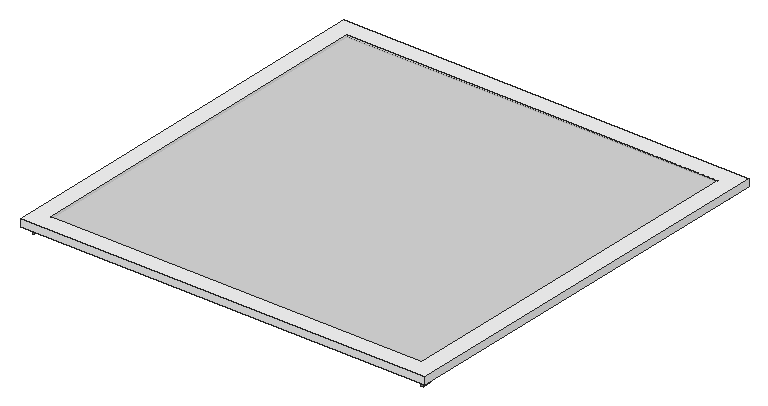
Revit family "0047646 Feilo Sylvania Lighting Fixtures START FLAT HE 600 3000K DALI G2", category Lighting Fixtures, host Face, Revit 2017
Family settings
  Host = Face
  Round Connector Dimension = Use Diameter
  Part Type = Normal
  OmniClass Number = 23.80.70.11.17
  OmniClass Title = Specialized Lighting by Location or Use
  Cut with Voids When Loaded = No
  Light Source = Yes
  Shared = No
  Room Calculation Point = No
Parameters (values of type "0047646 START FLAT HE 600 3000K DALI G2")
  Weight = "12.25 kg"
  Wattage = 36 W
  WarrantyStartDate [instance] = "n/a"
  WarrantyGuarantorParts = "n/a"
  WarrantyDurationUnit = "n/a"
  WarrantyDurationParts = "n/a"
  WarrantyDescription = "n/a"
  built-in parameter 1150110 = 1 (stored number, unit not read)
  Voltage = 230 V
  URL = "http://www.sylvania-lighting.com"
  TypeName = "START FLAT HE 600 3000K DALI G2"
  built-in parameter 1114217 = 1 (stored number, unit not read)
  Tilt Angle = -90.00°
  built-in parameter 1150109 = 1 (stored number, unit not read)
  built-in parameter 1150134 = (empty or 0)
  built-in parameter 1150113 = 1 (stored number, unit not read)
  SerialNumber [instance] = "n/a"
  PowerFactor = 0.98
  PowerConsumption = "36 W"
  Photometric Web File = "0047646.ies"
  NominalWidth = 0.0 mm
  NominalLength = 595.0 mm
  NominalHeight = 10.5 mm
  Name = "START FLAT HE 600 3000K DALI G2"
  ModelReference = "START FLAT HE 600 3000K DALI G2"
  ModelNumber = "0047646"
  Material = "aluminium housing, pmma diffuser"
  ManufacturerName = "Feilo Sylvania"
  LuminousEfficacy = "120 lm/W"
  LuminaireType = ""
  LightOutputRatio = "n/a"
  LampsType = Lamp  # "Integrated LED"
  LampNominalLuminous = "4000 lm"
  LampMacAdamStep = "3"
  LampColourTemperature = "3000 K"
  LampColourRenderingIndex = "80"
  Keynote = "16500"
  InstallationDate [instance] = "n/a"
  InputVoltage = "220-240V~"
  InputNominalFrequency = "50/60 Hz"
  IngressProtection = "IP20"
  ImpactProtectionIndex = "IK03"
  IfcExportType = "IfcLightFixtureType"
  IfcExportAs = "IfcLightFixtureType"
  ExpectedLife = 50000
  ElectricShockClassification = "Class II"
  DurationUnit = "hours"
  DocumentationLiterature = "http://www.sylvania-lighting.com/product/en-int/products/0047646"
  DimmingControlOptions = "Dimmable"
  DiffuserMaterial = Polycarbonate_Sylvania_Startflat Panel LED_Opal
  Cutout Width = 574.0 mm
  Cutout Length = 574.0 mm
  CreatedOn = "11/30/2017"
  CreatedBy = ""
  built-in parameter 1114216 [instance] = 1 (stored number, unit not read)
  Model = "START FLAT HE 600 3000K DALI G2"
  Manufacturer = "Feilo-Sylvania Group"
  built-in parameter 1150105 = 343.77 (stored number, unit not read)
  Lumens = 4320 lm
  built-in parameter 1150115 = 1 (stored number, unit not read)
  built-in parameter 1150137 = (empty or 0)
  built-in parameter 1150139 = (empty or 0)
  built-in parameter 1150112 = 1 (stored number, unit not read)
  built-in parameter 1150114 = 1 (stored number, unit not read)
  Lamp = "Integrated LED"  # constant formula
  built-in parameter 1150132 = 2
  built-in parameter 1150102 = (empty or 0)
  built-in parameter 1150107 = 3000 (stored number, unit not read)
  built-in parameter 1150138 = (empty or 0)
  built-in parameter 1150106 = 3.4377 (stored number, unit not read)
  BodyMaterial = Metal_Sylvania_Startflat Panel LED_White
  Emit from Rectangle Width = 545.0 mm
  Emit from Rectangle Length = 545.0 mm
  Emit Shape Visible in Rendering = no
  built-in parameter 1150104 = 11.148 (stored number, unit not read)
  Dimming Lamp Color Temperature Shift = <None>
  Description = "Ultra thin LED Panel, excellent uniformity of light, perfect for ceilings with low voids, high efficacy.Ulta thin edgelit LED 600x600mm Panel with, excellent uniform light distribution. Acrylic PMMA diffuser optimising light output whilst reducing glare. 4239lm 93lm/W."  # constant formula
  Default Elevation = 0.0 mm
  Color Filter = 16777215
  built-in parameter 1140040 [instance] = 1
  BarCode [instance] = "n/a"
  built-in parameter 1114218 = 1 (stored number, unit not read)
  built-in parameter 1150133 = 10 (stored number, unit not read)
  AssetType = "Fixed"
  AssetIdentifier [instance] = "n/a"
  Assembly Code = "D5020200"
  Apparent Load = 36 VA
  MountingMaterial = Metal_Sylvania_Startflat Panel LED_Silver
Reference planes
  plane 1 "Center (Front/Back)": y = 0
  plane 2 "Fixture Top": z = 0
  plane 3 "Center (Left/Right)": x = 0
  plane 4: x = 295.5
  plane 5: x = -295.5
  plane 6 "Fixture Back": y = 297.5
  plane 7 "Fixture Front": y = -297.5
  plane 8 "Fixture Left": x = -297.5
  plane 9 "Fixture Right": x = 297.5
  plane 10: y = 295.5
  plane 11: y = -295.5
  plane 12: x = 272.5
  plane 13: x = -272.5
  plane 14: y = 272.5
  plane 15: y = -272.5
  plane 16: x = -287
  plane 17: x = 287
  plane 18: y = 287
  plane 19: y = -287
  plane 20 "Fixture Bottom": z = 10.5
  plane 21: z = 8.5
  plane 22: z = 6.5
  plane 23: z = -10
  plane 24: z = 2
Forms (mm)
  Extrusion 1, void
    sketch origin (0, 0, 60) x (-1, 0, 0) y (0, -1, 0)
      loop
        line (287, -287) -> (287, 287) -> (-287, 287) -> (-287, -287) -> (287, -287)
    from -70 to -60
  Extrusion 2, solid, material "Metal_Sylvania_Startflat Panel LED_White" <- "BodyMaterial", detail levels fine
    sketch origin (0, 0, 60) x (-1, 0, 0) y (0, -1, 0)
      loop
        line (297.5, -297.5) -> (297.5, 297.5) -> (-297.5, 297.5) -> (-297.5, -297.5) -> (297.5, -297.5)
      loop
        line (272.5, -272.5) -> (272.5, 272.5) -> (-272.5, 272.5) -> (-272.5, -272.5) -> (272.5, -272.5)
    from -51.5 to -49.5
  Extrusion 3, solid, material "Metal_Sylvania_Startflat Panel LED_White" <- "BodyMaterial", detail levels fine
    sketch origin (0, 0, 60) x (-1, 0, 0) y (0, -1, 0)
      loop
        line (297.5, -297.5) -> (297.5, 297.5) -> (-297.5, 297.5) -> (-297.5, -297.5) -> (297.5, -297.5)
      loop
        line (295.5, -295.5) -> (295.5, 295.5) -> (-295.5, 295.5) -> (-295.5, -295.5) -> (295.5, -295.5)
    from -60 to -51.5
  Extrusion 4, solid, material "Polycarbonate_Sylvania_Startflat Panel LED_Opal" <- "DiffuserMaterial", detail levels fine
    sketch origin (0, 0, 60) x (-1, 0, 0) y (0, -1, 0)
      loop
        line (295.5, -295.5) -> (295.5, 295.5) -> (-295.5, 295.5) -> (-295.5, -295.5) -> (295.5, -295.5)
    from -53.5 to -51.5
  Extrusion 5, solid, material "Metal_Sylvania_Startflat Panel LED_Silver" <- "MountingMaterial", detail levels fine
    sketch origin (0, 0, 60) x (-1, 0, 0) y (0, -1, 0)
      loop
        line (287, -287) -> (287, -272.5) -> (284, -272.5) -> (284, -287) -> (287, -287)
      loop
        line (-284, -287) -> (-284, -272.5) -> (-287, -272.5) -> (-287, -287) -> (-284, -287)
      loop
        line (-284, 272.5) -> (-284, 287) -> (-287, 287) -> (-287, 272.5) -> (-284, 272.5)
      loop
        line (284, 272.5) -> (287, 272.5) -> (287, 287) -> (284, 287) -> (284, 272.5)
    from -70 to -60
  Extrusion 6, solid, material "Metal_Sylvania_Startflat Panel LED_White" <- "BodyMaterial", detail levels fine
    sketch origin (0, 0, 60) x (-1, 0, 0) y (0, -1, 0)
      loop
        line (297.5, -297.5) -> (297.5, 297.5) -> (-297.5, 297.5) -> (-297.5, -297.5) -> (297.5, -297.5)
    from -60 to -58
  Extrusion 7, solid, material "Metal_Sylvania_Startflat Panel LED_White" <- "BodyMaterial", detail levels coarse+medium
    sketch origin (0, 0, 60) x (-1, 0, 0) y (0, -1, 0)
      loop
        line (297.5, -297.5) -> (297.5, 297.5) -> (-297.5, 297.5) -> (-297.5, -297.5) -> (297.5, -297.5)
    from -60 to -49.5
Cuts and joins
  joined: Extrusion 2, Extrusion 3, Extrusion 6
Dimensions and locks
  equal spacing: plane 6 "Fixture Back", plane 1 "Center (Front/Back)", plane 7 "Fixture Front"
  locked: plane 6 "Fixture Back" to plane 7 "Fixture Front" at 595
  equal spacing: plane 8 "Fixture Left", plane 3 "Center (Left/Right)", plane 9 "Fixture Right"
  locked: plane 8 "Fixture Left" to plane 9 "Fixture Right" at 595
  locked: plane 8 "Fixture Left" to plane 5 at 2
  locked: plane 4 to plane 9 "Fixture Right" at 2
  locked: plane 6 "Fixture Back" to plane 10 at 2
  locked: plane 11 to plane 7 "Fixture Front" at 2
  locked: plane 12 to plane 9 "Fixture Right" at 25
  locked: plane 8 "Fixture Left" to plane 13 at 25
  locked: plane 6 "Fixture Back" to plane 14 at 25
  locked: plane 15 to plane 7 "Fixture Front" at 25
  equal spacing: plane 16, plane 3 "Center (Left/Right)", plane 17
  "Cutout Length": plane 16 to plane 17
  equal spacing: plane 18, plane 1 "Center (Front/Back)", plane 19
  "Cutout Width": plane 18 to plane 19
  locked: plane 20 "Fixture Bottom" to plane 2 "Fixture Top" at 10.5
  plane 20 "Fixture Bottom" to plane 21 to plane 22 = 2.0 mm locked, 2.0 mm locked
  locked: plane 2 "Fixture Top" to plane 23 at 10
  locked: plane 16 to Extrusion 5 sketch curve at 3
  locked: Extrusion 5 sketch curve to plane 17 at 3
  locked: plane 24 to plane 2 "Fixture Top" at 2
  aligned and locked: level to host face
  aligned and locked: imposter light to plane 1 "Center (Front/Back)"
  aligned and locked: plane 2 "Fixture Top" to Extrusion 1
  aligned and locked: Extrusion 2 sketch curve to plane 6 "Fixture Back"
  aligned and locked: plane 8 "Fixture Left" to Extrusion 2 sketch curve
  aligned and locked: plane 7 "Fixture Front" to Extrusion 2 sketch curve
  aligned and locked: Extrusion 2 sketch curve to plane 9 "Fixture Right"
  aligned and locked: Extrusion 2 sketch curve to plane 14
  aligned and locked: plane 13 to Extrusion 2 sketch curve
  aligned and locked: plane 15 to Extrusion 2 sketch curve
  aligned and locked: Extrusion 2 sketch curve to plane 12
  aligned and locked: Extrusion 3 sketch curve to Extrusion 2  (x4)
  aligned and locked: Extrusion 3 sketch curve to plane 10
  aligned and locked: plane 5 to Extrusion 3 sketch curve
  aligned and locked: plane 11 to Extrusion 3 sketch curve
  aligned and locked: Extrusion 3 sketch curve to plane 4
  aligned and locked: Extrusion 4 sketch curve to cut or joined group of Extrusion 2, Extrusion 3, Extrusion 6  (x4)
  aligned and locked: plane 16 to Extrusion 1 sketch curve
  aligned and locked: Extrusion 1 sketch curve to plane 17
  aligned and locked: Extrusion 1 sketch curve to plane 18
  aligned and locked: plane 19 to Extrusion 1 sketch curve
  aligned and locked: plane 20 "Fixture Bottom" to cut or joined group of Extrusion 2, Extrusion 3, Extrusion 6
  aligned and locked: cut or joined group of Extrusion 2, Extrusion 3, Extrusion 6 to plane 21
  aligned and locked: plane 21 to cut or joined group of Extrusion 2, Extrusion 3, Extrusion 6
  aligned and locked: cut or joined group of Extrusion 2, Extrusion 3, Extrusion 6 to plane 2 "Fixture Top"
  aligned and locked: plane 21 to Extrusion 4
  aligned and locked: Extrusion 4 to plane 22
  aligned and locked: level to plane 2 "Fixture Top"
  aligned and locked: plane 3 "Center (Left/Right)" to imposter light
  aligned and locked: plane 20 "Fixture Bottom" to imposter light
  aligned and locked: Extrusion 5 sketch curve to plane 18  (x2)
  aligned and locked: plane 16 to Extrusion 5 sketch curve
  aligned and locked: cut or joined group of Extrusion 2, Extrusion 3, Extrusion 6 to Extrusion 5 sketch curve  (x3)
  aligned and locked: plane 14 to Extrusion 5 sketch curve
  aligned and locked: Extrusion 5 sketch curve to plane 17  (x2)
  aligned and locked: plane 19 to Extrusion 5 sketch curve
  aligned and locked: Extrusion 5 sketch curve to plane 19
  aligned and locked: Extrusion 5 sketch curve to plane 16
  aligned and locked: Extrusion 5 to plane 23
  aligned and locked: Extrusion 5 sketch curve to Extrusion 5 sketch curve  (x2)
  aligned and locked: Extrusion 6 sketch curve to cut or joined group of Extrusion 2, Extrusion 3, Extrusion 6  (x4)
  aligned and locked: Extrusion 6 to plane 2 "Fixture Top"
  aligned and locked: plane 24 to Extrusion 6
  aligned and locked: plane 2 "Fixture Top" to Extrusion 5
  aligned and locked: Extrusion 7 sketch curve to cut or joined group of Extrusion 2, Extrusion 3, Extrusion 6  (x4)
  aligned and locked: Extrusion 7 to plane 2 "Fixture Top"
  aligned and locked: plane 20 "Fixture Bottom" to Extrusion 7
  aligned and locked: Extrusion 1 to Extrusion 5
Automatic sketch dimensions
  host sketch curve to host sketch curve = 1461.012 mm
  host sketch curve to host sketch curve = 1283.632 mm
Connectors
  electrical at (0, 0, 0), driven by "Apparent Load"
    settings: on cut or joined group of Extrusion 2, Extrusion 3, Extrusion 6, index 1, voltage 230 V, apparent load 0 VA, apparent load phase1 36 VA, apparent load phase2 0 VA, apparent load phase3 0 VA, power factor 1, load classification "Lighting", number of poles 1, system type 31, power factor state 1, is connector primary yes, connector utility no, sub classification motor no, connector description ""
